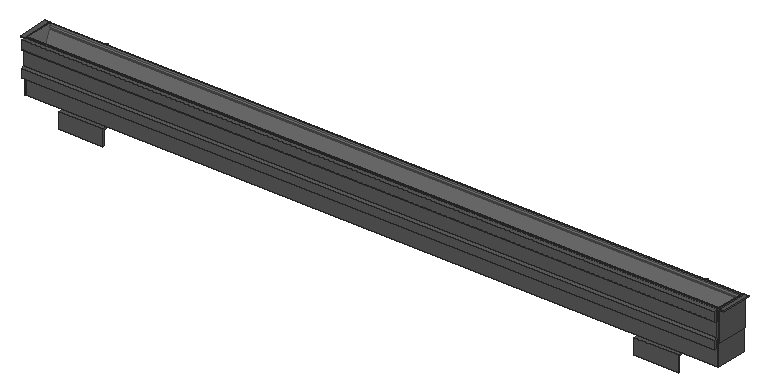
Revit family "Lighting_Linear_LED_StarTek_Perimeter-Slim-Beam1", category Lighting Fixtures, host Face, Revit 2020
Family settings
  Host = Face
  Round Connector Dimension = Use Diameter
  Part Type = Normal
  OmniClass Number = 23.80.70.11
  OmniClass Title = Luminaries for Internal Lighting
  Cut with Voids When Loaded = No
  Light Source = Yes
  Shared = No
  Room Calculation Point = No
Parameters (values of type "Default - please load Revit Family Type Catalog")
  Z_TB Right [instance] = or(and(Z_TB, Run Option = Z_Option Standalone), and(Z_TB, Run Option = Z_Option Start))  # yes
  Z_TB Left [instance] = or(and(Z_TB, Run Option = Z_Option Standalone), and(Z_TB, Run Option = Z_Option End))  # yes
  Z_TB [instance] = or(Mounting = Z_STB1, Mounting = Z_TB1, Mounting = Z_TB2, Mounting = Z_TBT1, Mounting = Z_TBT2)  # yes
  Z_Start [instance] = or(Run Option = Z_Option Start, Run Option = Z_Option Standalone)  # yes
  Z_Rough Width [instance] = if(Mounting = Z_DWCB, 2.63", 2.40")  # 2.40"
  Z_Rough Length [instance] = if(Mounting = Z_DR, Fixture Length + ZAdjEndCntrl, if(Mounting = Z_DWSF, Fixture Length + 0.38" + ZAdjEndCntrl, if(Mounting = Z_DWCB, Fixture Length + 0.25" + ZAdjEndCntrl, if(or(Mounting = Z_TB1, Mounting = Z_TBT1), Fixture Length - 0.13" + ZAdjEndCntrl, Fixture Length + 0.25" + 0.13" + ZAdjEndCntrl))))  # 46.93"
  Z_Option Start = Straight Run : Start Fixture
  Z_Option Standalone = Straight Run : Standalone Fixture
  Z_Option Middle = Straight Run : Middle Fixture
  Z_Option End = Straight Run : End Fixture
  Z_End [instance] = or(Run Option = Z_Option End, Run Option = Z_Option Standalone)  # yes
  Z_DR = Mounting : Trimless Drywall (DR)
  Z_Array No 01 [instance] = if(or(Run Option = Z_Option Start, Run Option = Z_Option Standalone, and(Run Option = Z_Option End, Emergency Circuit – End Fixture)), 3, 2)  # 3
  ZAdjEndCntrl [instance] = if(and(Adjustable End, Adjustable End Distance > 5.43"), 5.43", if(not(Adjustable End), 0.00", Adjustable End Distance))  # 0.00"
  Width = 2.10"  # constant formula
  Weight = 0.00 lbf
  Wattage Comments = "Efficacy up to 116 lm/W"
  Wattage = 135.7 W
  Voltage Range = "347V"
  built-in parameter 1150110 = 1 (stored number, unit not read)
  Voltage = 347 V
  URL = "https://starteklightingamerica.com/"
  Type Comments = ""
  built-in parameter 1114217 = 1 (stored number, unit not read)
  Tilt Angle = 90.00°  # constant formula
  built-in parameter 1150109 = 1 (stored number, unit not read)
  built-in parameter 1150134 = (empty or 0)
  built-in parameter 1150113 = 1 (stored number, unit not read)
  SpackleFlangeRight [instance] = or(and(Mounting = Z_DWSF, Run Option = Z_Option Standalone), and(Mounting = Z_DWSF, Run Option = Z_Option Start))  # no
  SpackleFlangeLeft [instance] = or(and(Mounting = Z_DWSF, Run Option = Z_Option Standalone), and(Mounting = Z_DWSF, Run Option = Z_Option End))  # no
  SpackleFlange [instance] = Mounting = Z_DWSF  # no
  ShieldingVis [instance] = and(or([2.5 Inch Shielding], [4.0 Inch Shielding]), not(or(Mounting = Z_DWSF, Mounting = Z_DWCB)))  # no
  Shielding [instance] = if(and([2.5 Inch Shielding], [4.0 Inch Shielding]), "Please select only ONE shielding option", if([2.5 Inch Shielding], "R2.5 - 2.5” Regress", if([4.0 Inch Shielding], "R4.0 - 4.0” Regress", "FL - Flush")))  # "FL - Flush"
  Run Option [instance] = Straight Run : Standalone Fixture
  Product data url = "https://bimobject.com/startek-lighting/product/p-slimbeam"
  Product Material [instance] = StarTek Lighting - Aluminum - Powder Coat Black
  Power Factor = 0.93
  Photometric Web File = "Generic Light Source Shown : Please download and link the IES file that best matches your fixture specification"
  Photometric Note = "Import IES files https://starteklightingamerica.com/"  # constant formula
  Phase = 1
  Offset5 [instance] = if([2.5 Inch Shielding], 0.25", 1.50")  # 1.50"
  Offset4 [instance] = if(Mounting = Z_STB1, 0.31", if(Mounting = Z_DR, Drywall Thickness, 0.06"))  # 0.06"
  Offset3 [instance] = if([2.5 Inch Shielding], 2.50", if([4.0 Inch Shielding], 4.00", 0.00"))  # 0.00"
  Offset2 [instance] = if(Mounting = Z_DR, Drywall Thickness, 0.00")  # 0.00"
  Offset1a [instance] = if(Mounting = Z_DWCB, 0.05", 0.00")  # 0.00"
  Offset1b [instance] = if(Mounting = Z_DR, Offset3, if(Mounting = Z_STB1, 0.31" + Offset3, if(Z_TB, 0.06" + Offset3, Offset3)))  # 0.06"
  Number of Poles = 1
  Mounting [instance] = Mounting : 9/16" T-BAR (TB1)
  Mount Finish Note [instance] = "Cosmetic bezel can be ordered in black (DWCB(B)), white(DWCB(W)) and other (DWCB(O))"  # constant formula
  Mount Finish [instance] = StarTek Lighting - Aluminum - Powder Coat Black
  Model = "PSLIM"
  Manufacturer = "StarTek Lighting"  # constant formula
  Z_MEP distance [instance] = if(or(Run Option = Z_Option Start, Run Option = Z_Option Standalone), 4.00", Length - 4.00")  # 4.00"
  built-in parameter 1150105 = 1490.2 (stored number, unit not read)
  Lumens = 1400 lm
  built-in parameter 1150115 = 1 (stored number, unit not read)
  built-in parameter 1150137 = (empty or 0)
  built-in parameter 1150139 = (empty or 0)
  Length = 48.00"
  built-in parameter 1150112 = 1 (stored number, unit not read)
  built-in parameter 1150114 = 1 (stored number, unit not read)
  Lamp = "LED"  # constant formula
  LBracket [instance] = not(ShieldingVis)  # yes
  Keynote = "16500"
  Input Wattage = 12.2 W
  built-in parameter 1150132 = 2
  built-in parameter 1150102 = (empty or 0)
  built-in parameter 1150107 = 3000 (stored number, unit not read)
  built-in parameter 1150138 = (empty or 0)
  built-in parameter 1150106 = 14.902 (stored number, unit not read)
  Height = 3.50"  # constant formula
  FrontBracket [instance] = or(and(not(ShieldingVis), Mounting = Z_DR), Mounting = Z_DWCB)  # no
  Frequency = 60 Hz
  Flush [instance] = not(or([2.5 Inch Shielding], [4.0 Inch Shielding]))  # yes
  Fixture Length [instance] = if(and(Adjustable End, Z_TB), Length - 2.70" - 0.94", if(Z_TB, Length - 0.94", if(Adjustable End, Length - 2.70", Length)))  # 47.06"
  Emergency Circuit – End Fixture [instance] = no
  Z_TBT2 = Mounting : 15/16" T-BAR Tegular (TBT2)
  Drywall Thickness [instance] = 0.25"
  Distribution = "SD-SatinIce Diffused"
  Description = "Perimeter Slim Beam"  # constant formula
  Emit from Rectangle Width = 2.00"  # constant formula
  Emit from Rectangle Length [instance] = Fixture Length + ZAdjEndCntrl  # 47.06"
  Emit Shape Visible in Rendering = no
  built-in parameter 1150104 = 12.821 (stored number, unit not read)
  Dimming Lamp Color Temperature Shift = <None>
  Default Elevation = 48.00"
  Z_DWSF = Mounting : Drywall with Spackle Flange (DWSF)
  Z_TB2 = Mounting : 15/16" T-BAR (TB2)
  Z_TB1 = Mounting : 9/16" T-BAR (TB1)
  Z_TBT1 = Mounting : 9/16" T-BAR Tegular (TBT1)
  Z_STB1 = Mounting : 9/16" Screw Slotted T-BAR (STB1)
  Color Filter = 16777215
  Color [instance] = "Available Options: Powder Coat White (PW), Powder Coat Black (PB), Powder Coat Other (PO)"  # constant formula
  Center [instance] = (Fixture Length + ZAdjEndCntrl) / 2  # 23.53"
  CRI = "80"
  built-in parameter 1114218 = 1 (stored number, unit not read)
  Z_DWCB = Mounting : Drywall with Cosmetic Bezzle (DWCB)
  built-in parameter 1150133 = 10 (stored number, unit not read)
  Assembly Code = "D5020200"
  Apparent Load = Input Wattage / (Number of Poles * Power Factor)  # 13.1183 VA
  Adjustable End Distance [instance] = 0.00"
  Adjustable End [instance] = no
  4.0 Inch Shielding [instance] = no
  2.5 Inch Shielding [instance] = no
Reference planes (in)
  plane 1 "Center (Front/Back)": y = -0.7
  plane 2: z = 0
  plane 3 "Center (Left/Right)": x = 0
  plane 4: x = -23.53
  plane 5: x = 23.53
  plane 6: x = 23.16
  plane 7: x = -19.53
  plane 8: y = 0.35
  plane 9: y = -2.05
  plane 10: x = 23.4
  plane 11: x = -23.4
  plane 12: z = -3.56
  plane 13: z = 0
  plane 14: y = -1.75
  plane 15: y = 0.35
  plane 16 "Top": z = -0.06
  plane 17: x = -20.38332
  plane 18: x = -20.32352
  plane 19: x = 20.38332
  plane 20: x = 20.32352
  plane 21: z = 0
  plane 22: z = -0.06
  plane 23: x = 23.53
  plane 24: x = -23.53
  plane 25: x = -23.4
  plane 26: x = 23.53
  plane 27: x = 0
  plane 28: x = 0
  plane 29: x = -23.53
  plane 30: x = 23.53
  plane 31: z = -2.06
  plane 32: z = 0
Forms (in)
  Extrusion 1, void
    sketch origin (0, 0, 0) x (1, 0, 0) y (0, 1, 0)
      loop
        line (-23.4, 0.35) -> (-23.4, -2.05) -> (23.53, -2.05) -> (23.53, 0.35) -> (-23.4, 0.35)
    from 0 to -0.06
  Extrusion 2, solid, material "StarTek Lighting - Aluminum - Powder Coat Black" <- "Product Material", not visible, detail levels coarse
    sketch origin (-0.53, -0.75, -0.12) x (1, 0, 0) y (0, 1, 0)
      loop
        circle (-20, 0) r 0.5
    from -3.44 to -2.75
  Extrusion 3, solid, material "StarTek Lighting - Aluminum - Powder Coat Black" <- "Product Material", not visible, detail levels coarse
    sketch origin (-0.03, -0.725, -0.12) x (1, 0, 0) y (0, 1, 0)
      loop
        circle (-20, 0) r 0.5
    from -3.44 to -2.75
  Extrusion 4, solid, material "StarTek Lighting - Aluminum - Powder Coat Black" <- "Product Material", not visible, detail levels coarse
    sketch origin (0.47, -0.7, -0.12) x (1, 0, 0) y (0, 1, 0)
      loop
        circle (-20, 0) r 0.5
    from -3.44 to -2.75
  Extrusion 5, solid, material "StarTek Lighting - Aluminum - Powder Coat Black" <- "Mount Finish"
    sketch origin (0, 0, 0) x (0, 1, 0) y (0, 0, 1)
      loop
        line (-1.75, -0.06) -> (-2.04825, -0.06) -> (-2.04825, -0.67894) -> (-1.88068, -0.81954) -> (-1.88068, -1.70752) -> (-2.04825, -1.84813) -> (-2.04825, -2.37602) -> (-1.98845, -2.37602) -> (-1.98845, -1.87602) -> (-1.82088, -1.73541) -> (-1.82088, -0.79166) -> (-1.98845, -0.65105) -> (-1.98845, -0.1198) -> (-1.75, -0.1198) -> (-1.75, -0.06)
    from -23.53 to 23.53
  Extrusion 6, solid, material "StarTek Lighting - Aluminum - Powder Coat Black" <- "Mount Finish", visible <- "FrontBracket"
    sketch origin (0, 0, 0) x (0, 1, 0) y (0, 0, 1)
      loop
        line (0.84, 0) -> (0.35, 0) -> (0.35, -2.06) -> (0.3978, -2.06) -> (0.3978, -0.0478) -> (0.84, -0.0478) -> (0.84, 0)
    from -23.53 to 23.53
  Extrusion 7, solid, material "StarTek Lighting - Aluminum - Powder Coat Black" <- "Mount Finish", visible <- "ShieldingVis"
    sketch origin (0, 0, 0) x (0, 1, 0) y (0, 0, 1)
      loop
        line (0.5775, -0.06) -> (0.35, -0.06) -> (0.35, -5.5775) -> (0.5775, -5.5775) -> (0.5775, -5.5375) -> (0.39, -5.5375) -> (0.39, -0.1) -> (0.5775, -0.1) -> (0.5775, -0.06)
    from -23.53 to 23.53
  Extrusion 8, solid, material "StarTek Lighting - Aluminum - Powder Coat Black" <- "Mount Finish", visible <- "Z_TB Left"
    sketch origin (0, -0.7, 0) x (1, 0, 0) y (0, 0, 1)
      loop
        line (23.59305, -0.12) -> (23.85805, -0.12) -> (23.85805, -0.06) -> (23.53, -0.06) -> (23.53, -2.06) -> (23.59305, -2.06) -> (23.59305, -0.12)
    from -1.05 to 1.05
  Extrusion 9, solid, material "StarTek Lighting - Aluminum - Powder Coat Black" <- "Mount Finish", visible <- "Z_TB Right"
    sketch origin (0.063, -0.7, 0) x (-1, 0, 0) y (0, 0, -1)
      loop
        line (23.65605, 0.12) -> (23.65605, 2.06) -> (23.593, 2.06) -> (23.593, 0.06) -> (23.92105, 0.06) -> (23.92105, 0.12) -> (23.65605, 0.12)
    from -1.05 to 1.05
  Extrusion 10, solid, material "StarTek Lighting - Aluminum - Powder Coat Black" <- "Mount Finish", visible <- "LBracket", detail levels medium+fine
    sketch origin (0, 0, 0) x (0, 1, 0) y (0, 0, 1)
      loop
        line (0.96945, -0.66) -> (0.96945, -1.56) -> (0.35, -1.56) -> (0.35, -2.2475) -> (1.25355, -2.2475) -> (1.25355, -0.66) -> (0.96945, -0.66)
    from 20.32352 to 20.38332
  Extrusion 11, solid, material "StarTek Lighting - Aluminum - Powder Coat Black" <- "Mount Finish", visible <- "LBracket", detail levels medium+fine
    sketch origin (0, 0, 0) x (0, 1, 0) y (0, 0, 1)
      loop
        line (0.96945, -1.56) -> (0.35, -1.56) -> (0.35, -2.2475) -> (1.25355, -2.2475) -> (1.25355, -0.66) -> (0.96945, -0.66) -> (0.96945, -1.56)
    from -20.38332 to -20.32352
  Extrusion 12, solid, material "StarTek Lighting - Aluminum - Powder Coat Black" <- "Mount Finish", visible <- "SpackleFlange"
    sketch origin (0, 0.63005, -1.9375) x (0, 1, 0) y (0, 0, 1)
      loop
        line (-0.24645, 1.8409) -> (1.25355, 1.8409) -> (1.25355, 1.8745) -> (-0.28005, 1.8745) -> (-0.28005, -0.1225) -> (-0.24645, -0.1225) -> (-0.24645, 1.8409)
    from -23.53 to 23.53
  Extrusion 13, solid, material "StarTek Lighting - Aluminum - Powder Coat Black" <- "Mount Finish", visible <- "SpackleFlangeLeft"
    sketch origin (0, -0.7, -1.875) x (1, 0, 0) y (0, 0, 1)
      loop
        line (25.03, 1.812) -> (23.53, 1.812) -> (23.53, -0.185) -> (23.5636, -0.185) -> (23.5636, 1.7784) -> (25.03, 1.7784) -> (25.03, 1.812)
    from -2.5836 to 1.35
  Extrusion 14, solid, material "StarTek Lighting - Aluminum - Powder Coat Black" <- "Mount Finish", visible <- "SpackleFlangeRight"
    sketch origin (0, -0.7, 0) x (-1, 0, 0) y (0, 0, -1)
      loop
        line (23.53, 0.063) -> (25.03, 0.063) -> (25.03, 0.09495) -> (23.5636, 0.09495) -> (23.5636, 2.06) -> (23.53, 2.06) -> (23.53, 0.063)
    from -2.5836 to 1.35
  Extrusion 15, void
    sketch origin (0, 0, 0) x (0, 1, 0) y (0, 0, 1)
      loop
        line (1.8836, -2.06) -> (1.8836, -0.0966) -> (0.35, -0.0966) -> (0.35, -2.06) -> (1.8836, -2.06)
    from -23.4 to 23.53
  Extrusion 16, void
    sketch origin (0, 0, 0) x (0, 1, 0) y (0, 0, 1)
      loop
        line (1.25355, -0.06) -> (-2.05, -0.06) -> (-2.05, -8.43) -> (1.25355, -8.43) -> (1.25355, -0.06)
    from -23.4 to 23.53
Cuts and joins
  Extrusion 15 cuts Extrusion 14
  Extrusion 15 cuts Extrusion 13
Lines and regions (in)
  Masking region 1
    outline origin (0, 0, 0) x (1, 0, 0) y (0, 1, 0)
      loop
        line (-23.53, -2.04825) -> (23.53, -2.04825) -> (23.53, -1.75) -> (-23.53, -1.75) -> (-23.53, -2.04825)
  symbolic lines, style "Mounting", visible <- "SpackleFlangeRight", detail levels medium+fine
    curve 1: line (-25.03, 1.8836, 0) -> (-25.03, -2.05, 0)
    curve 2: line (-25.03, -2.05, 0) -> (-23.53, -2.05, 0)
    curve 3: line (-23.53, -2.05, 0) -> (-23.53, 1.8836, 0)
    curve 4: line (-23.53, 1.8836, 0) -> (-25.03, 1.8836, 0)
  symbolic lines, style "Mounting", visible <- "SpackleFlange", detail levels medium+fine
    curve 5: line (23.53, 1.8836, 0) -> (-23.53, 1.8836, 0)
    curve 6: line (-23.53, 1.8836, 0) -> (-23.53, 0.35, 0)
    curve 7: line (-23.53, 0.35, 0) -> (23.53, 0.35, 0)
    curve 8: line (23.53, 0.35, 0) -> (23.53, 1.8836, 0)
  symbolic lines, style "Mounting", visible <- "SpackleFlangeLeft", detail levels medium+fine
    curve 9: line (23.53, 1.8836, 0) -> (23.53, -2.05, 0)
  symbolic lines, style "Mounting", visible <- "FrontBracket", detail levels medium+fine
    curve 10: line (23.53, 0.84, 0) -> (-23.53, 0.84, 0)
    curve 11: line (-23.53, 0.84, 0) -> (-23.53, 0.35, 0)
    curve 12: line (23.53, 0.35, 0) -> (23.53, 0.84, 0)
  symbolic lines, style "Mounting", visible <- "ShieldingVis", detail levels medium+fine
    curve 13: line (23.53, 0.5775, 0) -> (-23.53, 0.5775, 0)
  symbolic lines, style "Mounting", visible <- "Z_TB Right", detail levels medium+fine
    curve 14: line (-23.85805, 0.35, 0) -> (-23.85805, -1.75, 0)
    curve 15: line (-23.85805, -1.75, 0) -> (-23.53, -1.75, 0)
    curve 16: line (-23.53, -1.75, 0) -> (-23.53, 0.35, 0)
    curve 17: line (-23.53, 0.35, 0) -> (-23.85805, 0.35, 0)
  symbolic lines, style "Mounting", visible <- "Z_TB Left", detail levels medium+fine
    curve 18: line (23.85805, -1.75, 0) -> (23.85805, 0.35, 0)
    curve 19: line (23.85805, 0.35, 0) -> (23.53, 0.35, 0)
    curve 20: line (23.53, 0.35, 0) -> (23.53, -1.75, 0)
    curve 21: line (23.53, -1.75, 0) -> (23.85805, -1.75, 0)
  symbolic lines, style "Mounting", visible <- "SpackleFlangeLeft"
    curve 22: line (25.03, -2.05, 0) -> (25.03, 1.8836, 0)
    curve 23: line (25.03, 1.8836, 0) -> (23.53, 1.8836, 0)
    curve 24: line (23.53, 1.8836, 0) -> (23.53, -2.05, 0)
    curve 25: line (23.53, -2.05, 0) -> (25.03, -2.05, 0)
Dimensions and locks (in)
  equal spacing: plane 4, plane 3 "Center (Left/Right)", plane 5
  "Fixture Length": plane 4 to plane 5
  locked: plane 6 to plane 5 at 0.37
  equal spacing: group 1, group 2, group 3  (x3)
  "Z_MEP distance": plane 4 to plane 7
  equal spacing: plane 11, plane 3 "Center (Left/Right)", plane 10
  "Z_Rough Length": plane 11 to plane 26
  plane 5 to Extrusion 1 sketch curve = 0.00"
  plane 4 to Extrusion 1 sketch curve = 0.13"
  locked: Extrusion 2 to plane 7 at 0.5
  equal spacing: group 4, group 5, group 6  (x2)
  equal spacing: group 6, group 5, group 4
  locked: plane 7 to Extrusion 4 at 0.5
  equal spacing: plane 15, plane 1 "Center (Front/Back)", plane 14
  locked: plane 14 to plane 9 at 0.3
  plane 16 "Top" to Extrusion 5 sketch curve to Extrusion 5 sketch curve to Extrusion 5 sketch curve to Extrusion 5 sketch curve to Extrusion 5 sketch curve to Extrusion 5 sketch curve to Extrusion 5 sketch curve to Extrusion 5 sketch curve to Extrusion 5 sketch curve to Extrusion 5 sketch curve = 0.0598" locked, 0.53125" locked, 0.02789" locked, 0.11272" locked, 0.02789" locked, 0.88798" locked, 0.02789" locked, 0.11272" locked, 0.02789" locked, 0.50" locked
  plane 14 to Extrusion 5 sketch curve to Extrusion 5 sketch curve to Extrusion 5 sketch curve to Extrusion 5 sketch curve to Extrusion 5 sketch curve to Extrusion 5 sketch curve to Extrusion 5 sketch curve = 0.00" locked, 0.07088" locked, 0.0598" locked, 0.10777" locked, 0.00" locked, 0.0598" locked, 0.00" locked
  Extrusion 6 sketch curve to Extrusion 6 sketch curve to Extrusion 6 sketch curve = 0.4422" locked, 0.0478" locked
  Extrusion 7 sketch curve to Extrusion 7 sketch curve to Extrusion 7 sketch curve to Extrusion 7 sketch curve = 0.04" locked, 5.4375" locked, 0.04" locked
  Extrusion 7 sketch curve to Extrusion 7 sketch curve to Extrusion 7 sketch curve to Extrusion 7 sketch curve = 0.00" locked, 0.1875" locked, 0.04" locked
  "Offset3": Extrusion 7 to plane 16 "Top"
  Extrusion 9 sketch curve to Extrusion 9 sketch curve to Extrusion 9 sketch curve = 0.265" locked, 0.06305" locked
  plane 4 to Extrusion 9 = 0.00"
  Extrusion 8 to plane 5 = 0.00"
  locked: plane 17 to plane 18 at 0.0598
  locked: plane 4 to plane 17 at 3.14668
  locked: plane 19 to plane 20 at 0.0598
  locked: plane 19 to plane 5 at 3.14668
  "Offset1a": plane 21 to host face
  "Offset1b": plane 21 to plane 16 "Top"
  Extrusion 12 sketch curve to Extrusion 12 sketch curve to Extrusion 12 sketch curve = 1.50" locked, 0.0336" locked
  plane 1 "Center (Front/Back)" to Extrusion 12 = 2.5836"
  Extrusion 13 sketch curve to Extrusion 13 sketch curve to Extrusion 13 sketch curve = 0.0336" locked, 1.4664" locked
  locked: Extrusion 14 sketch curve to Extrusion 14 sketch curve at 0.0336
  Extrusion 10 sketch curve to Extrusion 10 sketch curve to Extrusion 10 sketch curve = 0.6875" locked, 0.90" locked
  Extrusion 10 sketch curve to Extrusion 10 sketch curve to Extrusion 10 sketch curve = 0.2841" locked, 0.61945" locked
  locked: plane 16 "Top" to Extrusion 10 sketch curve at 0.6
  "Z_Rough Width": plane 8 to plane 9
  locked: plane 12 to plane 16 "Top" at 3.5
  "Offset4": plane 21 to plane 22
  Extrusion 8 sketch curve to Extrusion 8 sketch curve to Extrusion 8 sketch curve = 0.265" locked, 0.06305" locked
  locked: plane 15 to plane 14 at 2.1
  "ZAdjEndCntrl": plane 23 to plane 5
  plane 4 to plane 24 = 0.00"
  "ZAdjEndCntrl": plane 5 to plane 26
  "Center": plane 29 to plane 27
  "Offset5": plane 12 to plane 31
  "Offset2": plane 21 to plane 32
  locked: Extrusion 6 sketch curve to Extrusion 6 sketch curve at 0.0478
  locked: Extrusion 12 sketch curve to Extrusion 12 sketch curve at 0.0336
  locked: level to Extrusion 12 sketch curve at 0.063
  locked: level to Extrusion 14 sketch curve at 0.063
  locked: Extrusion 13 sketch curve to Extrusion 13 sketch curve at 0.0336
  locked: level to Extrusion 13 sketch curve at 0.063
  locked: Extrusion 14 sketch curve to Extrusion 14 sketch curve at 0.03195
  locked: Extrusion 8 sketch curve to Extrusion 8 sketch curve at 0.06
  locked: Extrusion 9 sketch curve to Extrusion 9 sketch curve at 0.06
  aligned and locked: plane 2 to host face
  aligned and locked: level to host face
  aligned and locked: plane 3 "Center (Left/Right)" to nested 1
  aligned and locked: plane 1 "Center (Front/Back)" to nested 3
  aligned and locked: imposter light to plane 1 "Center (Front/Back)"
  aligned and locked: Extrusion 1 sketch curve to plane 8
  aligned and locked: plane 9 to Extrusion 1 sketch curve
  aligned and locked: plane 12 to Extrusion 2
  aligned and locked: imposter light to plane 16 "Top"
  aligned and locked: plane 16 "Top" to Extrusion 5 sketch curve
  aligned and locked: Extrusion 10 to plane 19
  aligned and locked: plane 20 to Extrusion 10
  aligned and locked: Extrusion 11 to plane 17
  aligned and locked: plane 18 to Extrusion 11
  aligned and locked: Extrusion 13 to plane 9
  aligned and locked: Extrusion 14 to plane 9
  aligned and locked: Extrusion 15 sketch curve to Extrusion 14
  aligned and locked: Extrusion 15 sketch curve to Extrusion 9
  aligned and locked: plane 22 to Extrusion 16 sketch curve
  aligned and locked: plane 9 to Extrusion 16 sketch curve
  aligned and locked: Extrusion 1 to plane 22
  aligned and locked: plane 12 to Extrusion 3
  aligned and locked: Masking region 1 sketch curve to Extrusion 5  (x2)
  aligned and locked: Extrusion 5 to Masking region 1 sketch curve
  aligned and locked: curve 17 to Extrusion 9
  aligned and locked: plane 1 "Center (Front/Back)" to Extrusion 4
  aligned and locked: Extrusion 14 sketch curve to plane 24
  aligned and locked: plane 24 to Extrusion 9 sketch curve
  aligned and locked: Extrusion 7 to plane 24
  aligned and locked: Extrusion 5 to plane 24
  aligned and locked: Extrusion 12 to plane 24
  aligned and locked: Extrusion 6 to plane 24
  aligned and locked: Extrusion 13 sketch curve to plane 23
  aligned and locked: plane 23 to Extrusion 8 sketch curve
  aligned and locked: Extrusion 16 to plane 25
  aligned and locked: plane 26 to Extrusion 16
  aligned and locked: Extrusion 15 to plane 25
  aligned and locked: plane 26 to Extrusion 15
  aligned and locked: Extrusion 1 to plane 25
  aligned and locked: plane 26 to Extrusion 1
  aligned and locked: plane 16 "Top" to nested 1
  aligned and locked: plane 28 to plane 3 "Center (Left/Right)"
  aligned and locked: plane 29 to plane 24
  aligned and locked: plane 23 to plane 30
  aligned and locked: curve 25 to cut or joined group of Extrusion 13, Extrusion 15
  aligned and locked: curve 20 to plane 30
  aligned and locked: plane 30 to Extrusion 12
  aligned and locked: plane 30 to Extrusion 6
  aligned and locked: plane 30 to Extrusion 5
  aligned and locked: curve 22 to cut or joined group of Extrusion 13, Extrusion 15
  aligned and locked: plane 23 to Masking region 1
  aligned and locked: Extrusion 9 to curve 15
  aligned and locked: curve 2 to cut or joined group of Extrusion 14, Extrusion 15
  aligned and locked: plane 29 to curve 16
  aligned and locked: imposter light to plane 27
  aligned and locked: plane 30 to Extrusion 7
  aligned and locked: Extrusion 11 to Extrusion 10
  aligned and locked: Extrusion 10 sketch curve to nested 1
  aligned and locked: Extrusion 11 sketch curve to Extrusion 10  (x2)
  aligned and locked: nested 1 to Extrusion 11 sketch curve
  aligned and locked: nested 1 to Extrusion 6 sketch curve
  aligned and locked: Extrusion 7 sketch curve to nested 1
  aligned and locked: nested 1 to Extrusion 12 sketch curve
  aligned and locked: curve 11 to plane 29
  aligned and locked: curve 5 to Extrusion 12
  aligned and locked: curve 10 to Extrusion 6
  aligned and locked: nested 1 to Extrusion 9
  aligned and locked: Extrusion 9 to nested 1
  aligned and locked: curve 13 to Extrusion 7
  aligned and locked: curve 14 to Extrusion 9
  aligned and locked: Extrusion 6 sketch curve to plane 32
  aligned and locked: Extrusion 6 sketch curve to plane 31
  aligned and locked: Extrusion 12 sketch curve to plane 31
  aligned and locked: Extrusion 14 sketch curve to plane 31
  aligned and locked: plane 31 to Extrusion 13 sketch curve
  aligned and locked: plane 31 to Extrusion 8 sketch curve
  aligned and locked: Extrusion 8 sketch curve to plane 22
  aligned and locked: Extrusion 9 sketch curve to plane 31
  aligned and locked: Extrusion 9 sketch curve to plane 22
  aligned and locked: plane 25 to plane 11
Automatic sketch dimensions
  host sketch curve to host sketch curve = 96.00"  (x2)
  Extrusion 7 sketch curve to level = 0.06"
  Extrusion 16 sketch curve to plane 16 "Top" = 8.37"
  plane 8 to Extrusion 16 sketch curve = 0.90355"
  Extrusion 11 sketch curve to plane 12 = 1.3125"
  Extrusion 11 sketch curve to Extrusion 11 sketch curve = 0.6875"
  Extrusion 11 sketch curve to plane 22 = 0.60"
  plane 5 to Masking region 1 sketch curve = 0.00"
  curve 25 to plane 9 = 0.00"
  plane 14 to curve 20 = 0.00"
  curve 1 to plane 24 = 1.50"
  curve 5 to curve 23 = 1.50"
  Extrusion 15 sketch curve to plane 31 = 0.00"
  Extrusion 15 sketch curve to level = 0.0966"
  Extrusion 14 sketch curve to Extrusion 14 sketch curve = 1.4664"
  curve 18 to plane 8 = 0.00"
  curve 7 to curve 18 = 0.32805"
  radius of Extrusion 2 sketch curve = 0.50"
  radius of Extrusion 3 sketch curve = 0.50"
  radius of Extrusion 4 sketch curve = 0.50"
Nested families (in)
  nested 1: "Recessed Slim Beam Geometry" at (0, -0.7, -3.56), Product Material <- "Product Material", type "Recessed Beam Geometry"
  nested 2: "Mounting" at (26.12642, 26.892, 0), type "Drywall with Spackle Flange (DWSF)"
  nested 3: "Connection" at (-32.04898, -0.7, 0), type "Connection"
  nested 4: "Connection" at (-6.02449, -0.35, 0), type "Connection"
  nested 5: "Connection" at (20, 0, 0), type "Connection"
Connectors (in)
  electrical at (-19.53, -0.7, -2.87), driven by "Number of Poles", driven by "Voltage", driven by "Apparent Load", driven by "Power Factor"
    settings: on Extrusion 4, index 4, voltage 347 V, apparent load 13.1183 VA, apparent load phase1 0 VA, apparent load phase2 0 VA, apparent load phase3 0 VA, power factor 0.93, load classification "Lighting", number of poles 1, system type 30, power factor state 1, is connector primary yes, connector utility no, sub classification motor no, connector description "Connection for Electrical Power"
Definition of nested family "Recessed Slim Beam Geometry"
  Parameters (values of type "Recessed Beam Geometry")
    Width = 2.10"
    Product Material [instance] = none
    Offset = if(Length > 73.00", 12.00", 0.00")  # 0.00"
    Mount = none
    Manufacturer = ""
    Lens = none
    Length = 47.06"
    End2 = not(AdjEnd2Vis)  # yes
    End1 = not(AdjEnd1Vis)  # yes
    Default Elevation = 48.00"
    AdjEnd2Vis = AdjEnd2 > 0.00"  # no
    AdjEnd2 = 0.00"
    AdjEnd1Vis = AdjEnd1 > 0.00"  # no
    AdjEnd1 = 0.00"
  Reference planes (in)
    plane 1 "Light Source Axis (F/B)": y = 0
    plane 2: z = 0
    plane 3 "Light Source Axis (L/R)": x = 0
    plane 4 "Light Source Elevation": z = 0
    plane 5: x = -23.467
    plane 6: x = 23.467
    plane 7: y = 1.05
    plane 8: y = -1.05
    plane 9: z = 3.5
    plane 10: x = 23.53
    plane 11: x = -23.53
    plane 12: x = 23.53
    plane 13: x = -23.53
    plane 14: x = -21.03
    plane 15: x = -18.03
    plane 16: x = 18.03
    plane 17: x = 21.03
    plane 18: x = -1.5
    plane 19: x = 1.5
    plane 20: x = -1.5
    plane 21: x = 1.5
    plane 22: x = 0
    plane 23: x = 0
  Forms (in)
    Extrusion 1, solid, material <- "Product Material", detail levels coarse
      sketch origin (0, 0, 3.5) x (0, 1, 0) y (0, 0, 1)
        loop
          line (1.05, -3.5) -> (1.05, 0) -> (-1.04897, 0) -> (-1.04897, -3.5) -> (1.05, -3.5)
      from -23.53 to 23.53
    Extrusion 2, solid, material <- "Product Material", detail levels medium+fine
      sketch origin (0, 0, 3.5) x (0, 1, 0) y (0, 0, 1)
        loop
          line (1.05, -3.5) -> (1.05, -0.00103) -> (0.96615, -0.00103) -> (0.96615, -0.29763) -> (0.87359, -0.29763) -> (0.28125, -1.87271) -> (-0.28125, -1.87271) -> (-0.87359, -0.29763) -> (-0.96615, -0.29763) -> (-0.96615, -0.00103) -> (-1.05, -0.00103) -> (-1.05, -3.5) -> (1.05, -3.5)
      from -23.467 to 23.467
    Extrusion 3, solid, material <- "Lens", detail levels medium+fine
      sketch origin (0, 0, 3.5) x (0, 1, 0) y (0, 0, 1)
        loop
          line (-0.95618, 0) -> (-0.95618, -0.26378) -> (-0.92541, -0.26378) -> (-0.8811, -0.05534) -> (0.8811, -0.05534) -> (0.92541, -0.26378) -> (0.95618, -0.26378) -> (0.95618, 0) -> (-0.95618, 0)
      from -23.467 to 23.467
    Extrusion 4, solid, material <- "Lens", visible <- "AdjEnd1Vis", detail levels medium+fine
      sketch origin (0, 0, 0) x (0, 1, 0) y (0, 0, 1)
        loop
          line (0.8811, 3.44466) -> (0.92541, 3.23622) -> (0.95618, 3.23622) -> (0.95618, 3.5) -> (-0.95618, 3.5) -> (-0.95618, 3.23622) -> (-0.92541, 3.23622) -> (-0.8811, 3.44466) -> (0.8811, 3.44466)
      from -23.467 to -23.53
    Extrusion 5, solid, material <- "Lens", visible <- "AdjEnd2Vis", detail levels medium+fine
      sketch origin (0, 0, 0) x (0, 1, 0) y (0, 0, 1)
        loop
          line (0.8811, 3.44466) -> (0.92541, 3.23622) -> (0.95618, 3.23622) -> (0.95618, 3.5) -> (-0.95618, 3.5) -> (-0.95618, 3.23622) -> (-0.92541, 3.23622) -> (-0.8811, 3.44466) -> (0.8811, 3.44466)
      from 23.467 to 23.53
    Extrusion 6, solid, material <- "Product Material", visible <- "AdjEnd1Vis", detail levels medium+fine
      sketch origin (0, 0, 0) x (0, 1, 0) y (0, 0, 1)
        loop
          line (0.28125, 1.62729) -> (-0.28125, 1.62729) -> (-0.87359, 3.20237) -> (-0.96615, 3.20237) -> (-0.96615, 3.49897) -> (-1.05, 3.49897) -> (-1.05, 1.03962) -> (1.05, 1.03962) -> (1.05, 3.49897) -> (0.96615, 3.49897) -> (0.96615, 3.20237) -> (0.87359, 3.20237) -> (0.28125, 1.62729)
      from -23.467 to -23.53
    Extrusion 7, solid, material <- "Product Material", visible <- "AdjEnd2Vis", detail levels medium+fine
      sketch origin (0, 0, 0) x (0, 1, 0) y (0, 0, 1)
        loop
          line (1.05, 1.03962) -> (1.05, 3.49897) -> (0.96615, 3.49897) -> (0.96615, 3.20237) -> (0.87359, 3.20237) -> (0.28125, 1.62729) -> (-0.28125, 1.62729) -> (-0.87359, 3.20237) -> (-0.96615, 3.20237) -> (-0.96615, 3.49897) -> (-1.05, 3.49897) -> (-1.05, 1.03962) -> (1.05, 1.03962)
      from 23.467 to 23.53
    Extrusion 8, solid, material <- "Product Material", visible <- "AdjEnd2Vis", detail levels coarse
      sketch origin (0, 0, 0) x (0, 1, 0) y (0, 0, 1)
        loop
          line (1.05, 1.03962) -> (1.05, 3.5) -> (-1.05, 3.5) -> (-1.05, 1.03962) -> (1.05, 1.03962)
      from 23.467 to 23.53
    Extrusion 9, solid, material <- "Mount", detail levels medium+fine
      sketch origin (0, 0, 0) x (0, -1, 0) y (0, 0, -1)
        loop
          line (1.28475, 1.08) -> (1.28475, 0.08) -> (-0.71105, 0.08)
          arc (-0.71105, 0.08) -> (-0.77202, 0.0572) -> (-0.80308, 0) r 0.09293
          line (-0.80308, 0) -> (-0.73806, 0) -> (-0.71105, 0.0165) -> (1.34825, 0.0165) -> (1.34825, 1.08) -> (1.28475, 1.08)
      from -21.03 to -18.03
    Extrusion 10, solid, material <- "Mount", detail levels medium+fine
      sketch origin (0, 0, 0) x (0, -1, 0) y (0, 0, -1)
        loop
          line (1.34825, 0.0165) -> (1.34825, 1.08) -> (1.28475, 1.08) -> (1.28475, 0.08) -> (-0.71105, 0.08)
          arc (-0.71105, 0.08) -> (-0.77202, 0.0572) -> (-0.80308, 0) r 0.09293
          line (-0.80308, 0) -> (-0.73806, 0) -> (-0.71105, 0.0165) -> (1.34825, 0.0165)
      from 18.03 to 21.03
    Extrusion 11, solid, material <- "Product Material", visible <- "End1", detail levels medium+fine
      sketch origin (0, 0, 0) x (1, 0, 0) y (0, 1, 0)
        loop
          line (-23.53, 1.05) -> (-23.53, -1.05) -> (-23.467, -1.05) -> (-23.467, 1.05) -> (-23.53, 1.05)
      from 0 to 3.5
    Extrusion 12, solid, material <- "Product Material", visible <- "End2", detail levels medium+fine
      sketch origin (0, 0, 0) x (1, 0, 0) y (0, 1, 0)
        loop
          line (23.53, 1.05) -> (23.467, 1.05) -> (23.467, -1.05) -> (23.53, -1.05) -> (23.53, 1.05)
      from 0 to 3.5
    Extrusion 13, solid, material <- "Product Material", visible <- "AdjEnd1Vis", detail levels coarse
      sketch origin (0, 0, 0) x (0, 1, 0) y (0, 0, 1)
        loop
          line (-1.05, 1.03962) -> (1.05, 1.03962) -> (1.05, 3.5) -> (-1.05, 3.5) -> (-1.05, 1.03962)
      from -23.467 to -23.53
  Lines and regions (in)
    Masking region 1
      outline origin (0, 0, 0) x (1, 0, 0) y (0, 1, 0)
        loop
          line (-23.53, 1.05) -> (-23.53, -1.05) -> (23.53, -1.05) -> (23.53, 1.05) -> (-23.53, 1.05)
    Masking region 2, detail levels medium+fine
      outline origin (0, 0, 0) x (1, 0, 0) y (0, 1, 0)
        loop
          line (-23.317, 0.95618) -> (-23.317, -0.96615) -> (23.317, -0.96615) -> (23.317, 0.95618) -> (-23.317, 0.95618)
    Masking region 3, visible <- "AdjEnd1Vis"
      outline origin (0, 0, 0) x (1, 0, 0) y (0, 1, 0)
        loop
          line (-23.467, 1.05) -> (-23.53, 1.05) -> (-23.53, -1.05) -> (-23.467, -1.05) -> (-23.467, 1.05)
    Masking region 4, visible <- "AdjEnd2Vis"
      outline origin (0, 0, 0) x (1, 0, 0) y (0, 1, 0)
        loop
          line (23.467, 1.05) -> (23.467, -1.05) -> (23.53, -1.05) -> (23.53, 1.05) -> (23.467, 1.05)
    symbolic lines
      curve 1: line (-23.53, 0.96615, 0) -> (-23.467, 0.96615, 0)
    symbolic lines, visible <- "AdjEnd1Vis", detail levels medium+fine
      curve 2: line (-23.53, -0.95618, 0) -> (-23.467, -0.95618, 0)
    symbolic lines, visible <- "AdjEnd2Vis", detail levels medium+fine
      curve 3: line (23.467, 0.96615, 0) -> (23.53, 0.96615, 0)
      curve 4: line (23.53, -0.96615, 0) -> (23.467, -0.96615, 0)
  Dimensions and locks (in)
    equal spacing: plane 5, plane 3 "Light Source Axis (L/R)", plane 6
    Extrusion 2 to plane 5 = 0.00"
    plane 6 to Extrusion 2 = 0.00"
    locked: plane 5 to Masking region 2 sketch curve at 0.15
    locked: Masking region 2 sketch curve to plane 6 at 0.15
    plane 5 to Extrusion 3 = 0.00"
    Extrusion 3 to plane 6 = 0.00"
    locked: plane 5 to plane 11 at 0.063
    locked: plane 10 to plane 6 at 0.063
    "Length": plane 11 to plane 10
    equal spacing: plane 7, plane 1 "Light Source Axis (F/B)", plane 8
    "Width": plane 7 to plane 8
    plane 6 to plane 17 to plane 16 = 2.437" locked, 3.00" locked
    plane 15 to plane 14 to plane 5 = 3.00" locked, 2.437" locked
    "AdjEnd1": plane 13 to plane 11
    "AdjEnd2": plane 10 to plane 12
    locked: plane 19 to plane 18 at 3
    locked: plane 21 to plane 20 at 3
    equal spacing: plane 21, plane 23, plane 20
    equal spacing: plane 19, plane 22, plane 18
    "Offset": plane 3 "Light Source Axis (L/R)" to plane 22
    "Offset": plane 23 to plane 3 "Light Source Axis (L/R)"
    aligned and locked: level to plane 2
    aligned and locked: plane 6 to Extrusion 3
    aligned and locked: Extrusion 3 to plane 5
    aligned and locked: Extrusion 2 to plane 5
    aligned and locked: plane 6 to Extrusion 2
    aligned and locked: plane 10 to Extrusion 1
    aligned and locked: Extrusion 1 to plane 11
    aligned and locked: Extrusion 4 sketch curve to Extrusion 3  (x8)
    aligned and locked: Extrusion 5 sketch curve to Extrusion 3  (x8)
    aligned and locked: Extrusion 6 sketch curve to Extrusion 2  (x11)
    aligned and locked: Extrusion 7 sketch curve to Extrusion 6  (x12)
    aligned and locked: Extrusion 5 to plane 6
    aligned and locked: plane 12 to Extrusion 5
    aligned and locked: Extrusion 7 to plane 6
    aligned and locked: plane 12 to Extrusion 7
    aligned and locked: plane 5 to Extrusion 4
    aligned and locked: Extrusion 4 to plane 13
    aligned and locked: Extrusion 6 to plane 13
    aligned and locked: plane 5 to Extrusion 6
    aligned and locked: Extrusion 8 to plane 12
    aligned and locked: Extrusion 8 to plane 6
    aligned and locked: Masking region 1 to plane 11
    aligned and locked: Masking region 3 sketch curve to plane 5
    aligned and locked: Masking region 3 sketch curve to plane 13
    aligned and locked: Masking region 4 sketch curve to plane 6
    aligned and locked: Masking region 4 sketch curve to Extrusion 8  (x2)
    aligned and locked: Masking region 4 sketch curve to plane 12
    aligned and locked: curve 1 to Extrusion 6
    aligned and locked: curve 2 to Extrusion 4
    aligned and locked: curve 3 to Extrusion 7
    aligned and locked: curve 4 to Extrusion 7
    aligned and locked: Extrusion 10 sketch curve to Extrusion 9  (x8)
    aligned and locked: Extrusion 11 sketch curve to plane 11
    aligned and locked: Extrusion 11 sketch curve to plane 5
    aligned and locked: Extrusion 2 to Extrusion 11 sketch curve
    aligned and locked: Extrusion 11 sketch curve to Extrusion 2
    aligned and locked: Extrusion 12 sketch curve to plane 10
    aligned and locked: Extrusion 12 sketch curve to plane 6
    aligned and locked: Extrusion 8 to Extrusion 12 sketch curve
    aligned and locked: Extrusion 12 sketch curve to Extrusion 8
    aligned and locked: Extrusion 12 to level
    aligned and locked: plane 9 to Extrusion 12
    aligned and locked: Extrusion 11 to level
    aligned and locked: plane 9 to Extrusion 11
    aligned and locked: Extrusion 13 sketch curve to Extrusion 6
    aligned and locked: Extrusion 11 to Extrusion 13 sketch curve
    aligned and locked: Extrusion 13 sketch curve to Extrusion 11  (x2)
    aligned and locked: plane 12 to curve 3
    aligned and locked: plane 12 to curve 4
    aligned and locked: plane 13 to curve 1
    aligned and locked: plane 13 to curve 2
    aligned and locked: plane 13 to Extrusion 13
    aligned and locked: plane 5 to Extrusion 13
    aligned and locked: plane 15 to Extrusion 9
    aligned and locked: Extrusion 9 to plane 14
    aligned and locked: Extrusion 10 to plane 16
    aligned and locked: plane 17 to Extrusion 10
  Automatic sketch dimensions
    curve 2 to plane 5 = 0.00"
    curve 1 to plane 5 = 0.00"
    curve 4 to plane 6 = 0.00"
    curve 3 to plane 6 = 0.00"
    curve 4 to plane 8 = 0.08385"
    curve 2 to plane 8 = 0.09382"
    plane 7 to curve 3 = 0.08385"
    plane 7 to curve 1 = 0.08385"
    Extrusion 1 sketch curve to level = 0.00"
    Extrusion 1 sketch curve to plane 9 = 0.00"
    Extrusion 1 sketch curve to plane 7 = 0.00"
    plane 8 to Extrusion 1 sketch curve = 0.00103"
    Extrusion 2 sketch curve to plane 8 = 0.00"
    Extrusion 2 sketch curve to level = 0.00"
    Extrusion 2 sketch curve to plane 7 = 0.00"
    plane 9 to Extrusion 2 sketch curve = 0.00103"  (x2)
    plane 8 to Extrusion 2 sketch curve = 0.08385"
    Extrusion 2 sketch curve to Extrusion 2 sketch curve = 0.09256"
    Extrusion 2 sketch curve to plane 1 "Light Source Axis (F/B)" = 0.28125"
    plane 1 "Light Source Axis (F/B)" to Extrusion 2 sketch curve = 0.28125"
    Extrusion 2 sketch curve to plane 7 = 0.17641"
    Extrusion 2 sketch curve to plane 7 = 0.08385"
    Extrusion 2 sketch curve to Extrusion 2 sketch curve = 0.2966"
    plane 9 to Extrusion 2 sketch curve = 0.29763"
    Extrusion 2 sketch curve to level = 1.62729"
    Extrusion 3 sketch curve to plane 9 = 0.00"
    plane 8 to Extrusion 3 sketch curve = 0.09382"
    Extrusion 3 sketch curve to Extrusion 3 sketch curve = 0.03077"  (x2)
    plane 9 to Extrusion 3 sketch curve = 0.05534"
    Extrusion 3 sketch curve to Extrusion 3 sketch curve = 0.07508"
    Extrusion 3 sketch curve to plane 7 = 0.1689"
    Extrusion 3 sketch curve to plane 7 = 0.12459"
    Extrusion 3 sketch curve to Extrusion 3 sketch curve = 0.20844"  (x2)
    Masking region 1 sketch curve to plane 8 = 0.00"
    Masking region 1 sketch curve to plane 11 = 0.00"
    Masking region 1 sketch curve to plane 10 = 0.00"
    Masking region 1 sketch curve to plane 7 = 0.00"
    Masking region 2 sketch curve to plane 8 = 0.08385"
    plane 7 to Masking region 2 sketch curve = 0.09382"
    Extrusion 6 sketch curve to Extrusion 6 sketch curve = 0.58767"
    Extrusion 8 sketch curve to plane 8 = 0.00"
    Extrusion 8 sketch curve to plane 7 = 0.00"
    Extrusion 8 sketch curve to plane 9 = 0.00"
    level to Extrusion 8 sketch curve = 1.03962"
    Masking region 3 sketch curve to plane 8 = 0.00"
    Masking region 3 sketch curve to plane 7 = 0.00"
    Extrusion 9 sketch curve to level = 0.00"
    plane 7 to Extrusion 9 sketch curve = 0.24692"
    Extrusion 9 sketch curve to Extrusion 9 sketch curve = 0.06501"
    Extrusion 9 sketch curve to level = 0.0165"
    Extrusion 9 sketch curve to Extrusion 9 sketch curve = 0.02701"
    level to Extrusion 9 sketch curve = 0.01293"
    Extrusion 9 sketch curve to Extrusion 9 sketch curve = 0.00"
    plane 8 to Extrusion 9 sketch curve = 0.23475"
    Extrusion 9 sketch curve to Extrusion 9 sketch curve = 0.0635"
    Extrusion 9 sketch curve to Extrusion 9 sketch curve = 1.00"
Definition of nested family "Mounting"
  Parameters (values of type "Eye Hook Mount")
    Default Elevation = 48.00"
  Types (2): name
    Box/Conduit Mount
    Eye Hook Mount
  Reference planes (in)
    plane 1 "Center (Front/Back)": y = 0
    plane 2: z = 0
    plane 3 "Center (Left/Right)": x = 0
  Dimensions and locks (in)
    aligned and locked: plane 2 to level
Definition of nested family "Connection"
  Parameters (values of type "Connection")
    Default Elevation = 0.00"
  Reference planes (in)
    plane 1 "Center (Front/Back)": y = 0
    plane 2: z = 0
    plane 3 "Center (Left/Right)": x = 0
  Forms (in)
    Extrusion 1, solid, not visible
      sketch origin (0, 0, 0) x (1, 0, 0) y (0, 1, 0)
        loop
          line (-0.19685, 0.19685) -> (-0.19685, -0.19685) -> (0.19685, -0.19685) -> (0.19685, 0.19685) -> (-0.19685, 0.19685)
      from 0 to -3.44094
  Dimensions and locks (in)
    aligned and locked: plane 2 to level
